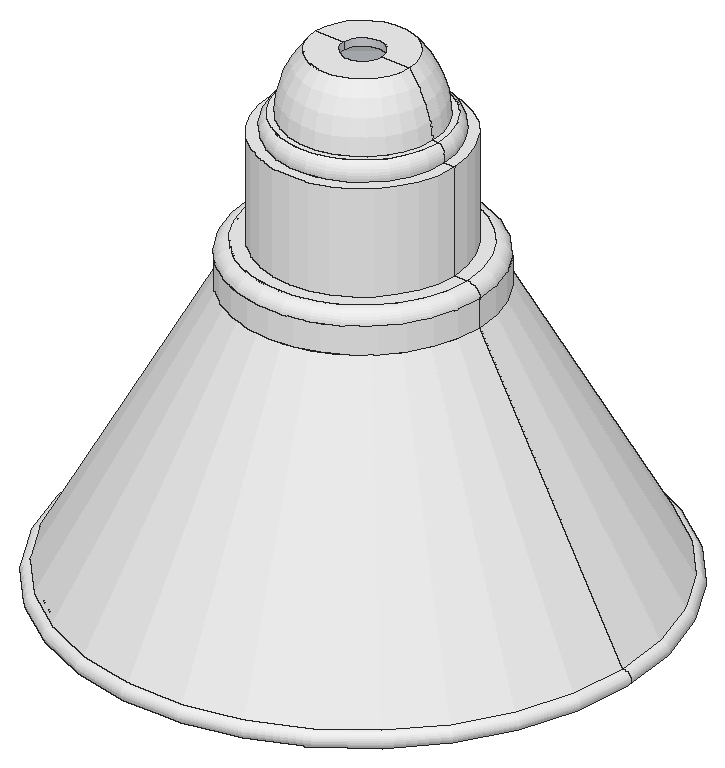
Revit family "CS07 SHADE", category Lighting Fixtures, Revit 2024
Family settings
  Round Connector Dimension = Use Diameter
  Part Type = Normal
  OmniClass Number = 23.80.70.00
  OmniClass Title = Lighting
  Work Plane-Based = No
  Always vertical = Yes
  Cut with Voids When Loaded = No
  Light Source = Yes
  Maintain Annotation Orientation = No
  Shared = No
  Room Calculation Point = No
Parameters
  Wattage = 12.1178 W
  built-in parameter 1150110 = 1 (stored number, unit not read)
  built-in parameter 1114217 = 1 (stored number, unit not read)
  built-in parameter 1150109 = 1 (stored number, unit not read)
  built-in parameter 1150134 = (empty or 0)
  built-in parameter 1150113 = 1 (stored number, unit not read)
  Lumens = 1800 lm
  built-in parameter 1150115 = 1 (stored number, unit not read)
  built-in parameter 1150105 = 572.96 (stored number, unit not read)
  Light Source Symbol Size = 2' - 0"
  built-in parameter 1150137 = (empty or 0)
  built-in parameter 1150139 = (empty or 0)
  built-in parameter 1150112 = 1 (stored number, unit not read)
  built-in parameter 1150114 = 1 (stored number, unit not read)
  built-in parameter 1150132 = 2
  built-in parameter 1150102 = (empty or 0)
  built-in parameter 1150138 = (empty or 0)
  built-in parameter 1150107 = 3000 (stored number, unit not read)
  built-in parameter 1150106 = 5.7296 (stored number, unit not read)
  built-in parameter 1150104 = 13.8 (stored number, unit not read)
  Dimming Lamp Color Temperature Shift = (empty or 0)
  Default Elevation = 0' - 0"
  Color Filter = 16777215
  built-in parameter 1114218 = 1 (stored number, unit not read)
  built-in parameter 1150133 = 10 (stored number, unit not read)
Reference planes (in)
  plane 1 "Light Source Axis (F/B)": y = 0
  plane 2: z = 0
  plane 3 "Light Source Axis (L/R)": x = 0
  plane 4 "Light Source Elevation": z = 84
Forms (in)
  Revolve 1, solid
    sketch origin (0, 0, 0) x (1, 0, 0) y (0, 0, 1)
      loop
        line (-0.25, 90.25) -> (-0.61177, 90.25)
        arc (-0.61177, 90.25) -> (-0.8284, 89.90857) -> (-0.90974, 89.51248) r 1.12056
        line (-0.90974, 89.51248) -> (-0.98707, 89.51248)
        arc (-0.98707, 89.51248) -> (-1.059, 89.41514) -> (-1.05803, 89.29411) r 0.19109
        line (-1.05803, 89.29411) -> (-1.19594, 89.29411) -> (-1.19594, 88.02941) -> (-1.3689, 88.02941)
        arc (-1.3689, 88.02941) -> (-1.48031, 87.98326) -> (-1.52646, 87.87185) r 0.15757
        line (-1.52646, 87.87185) -> (-1.52646, 87.53421) -> (-3.4, 84.2)
        arc (-3.4, 84.2) -> (-3.44689, 84.01167) -> (-3.31717, 84.15603) r 0.1
        line (-3.31717, 84.15603) -> (-1.43271, 87.50967) -> (-1.43271, 87.87185)
        arc (-1.43271, 87.87185) -> (-1.41402, 87.91697) -> (-1.3689, 87.93566) r 0.06382
        line (-1.3689, 87.93566) -> (-1.10219, 87.93566) -> (-1.10219, 89.20036) -> (-0.92678, 89.20036) -> (-0.92678, 89.27228)
        arc (-0.92678, 89.27228) -> (-0.97322, 89.33971) -> (-0.95177, 89.41873) r 0.09734
        line (-0.95177, 89.41873) -> (-0.81385, 89.41873)
        arc (-0.81385, 89.41873) -> (-0.76423, 89.81147) -> (-0.56972, 90.15625) r 1.02681
        line (-0.56972, 90.15625) -> (-0.25, 90.15625) -> (-0.25, 90.25)
      axis (0, 90.25) -> (0, 84.15603)
    angle from 0 to 360
Dimensions and locks (in)
  aligned and locked: plane 3 "Light Source Axis (L/R)" to imposter light
  aligned and locked: plane 1 "Light Source Axis (F/B)" to imposter light
  aligned and locked: plane 4 "Light Source Elevation" to imposter light
  aligned and locked: level to plane 2
